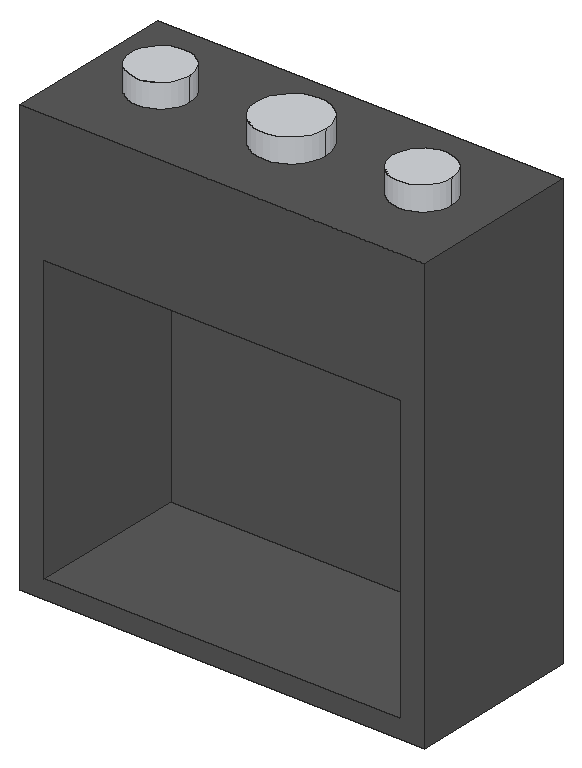
Revit family "montigo-commercial-single-sided-low-profile-fireplace-BF60", category Generic Models, Revit 2019
Family settings
  Can host rebar = No
  Round Connector Dimension = Use Diameter
  Part Type = Normal
  Work Plane-Based = No
  Always vertical = Yes
  Cut with Voids When Loaded = No
  Shared = No
  Room Calculation Point = No
Parameters
  URL = "https://www.montigo.com/"
  Model = ""
  Manufacturer Fax = ""
  Manufacturer Website = "https://www.montigo.com/"
  Manufacturer Phone - Toll Free = "800-378-3115"
  Manufacturer Phone = ""
  Manufacturer Address = "27342 Gloucester Way  Langley, BC, Canada   V4W 4A1"
  Manufacturer = "Montigo"
  Keynote = ""
  Glazing Tint = Glass - Montigo - Tint as Specified
  Frame Material = Metal - Montigo - Black
  Firebox Material = Metal - Montigo - White
  Description = "Montigo Fireplace as Specified"
Reference planes (in)
  plane 1 "Center (Front/Back)": y = 0
  plane 2: z = 0
  plane 3 "Center (Left/Right)": x = 0
Forms (in)
  Extrusion 1, solid, material "Metal - Montigo - Black" <- "Frame Material"
    sketch origin (15, -15, 0) x (1, 0, 0) y (0, 1, 0)
      loop
        line (-49, 29.5) -> (-49, 0.5) -> (19, 0.5) -> (19, 29.5) -> (-49, 29.5)
    from 0 to 73
  Extrusion 2, solid
    sketch origin (0, 0, 0) x (1, 0, 0) y (0, 1, 0)
      loop
        circle (0, 0) r 5.875
      loop
        circle (-22, 0) r 4.9375
      loop
        circle (22, 0) r 4.9375
    from 73 to 77
  Extrusion 3, void
    sketch origin (19.1875, -6.15625, 0) x (-1, 0, 0) y (0, 0, -1)
      loop
        line (49.1875, -51) -> (49.1875, -3) -> (-10.8125, -3) -> (-10.8125, -51) -> (49.1875, -51)
    from -18.24874 to 8.34375
Cuts and joins
  Extrusion 3 cuts Extrusion 1
Dimensions and locks (in)
  radius of Extrusion 2 sketch curve = 5 7/8"
  diameter of Extrusion 2 sketch curve = 11 3/4"
  aligned and locked: level to plane 2
Connectors (in)
  hvac at (0, 0, 77)
    settings: on Extrusion 2, index 2, duct flow 0.0 L/s, flow factor 0, pres drop 0.0 Pa, loss coef 0, conn angle 0.00°, conn width 304.8 mm, conn height 304.8 mm, conn diameter 298.45 mm, duct sys type 3, conn prof type 0, flow config 0, flow direction 0, loss method 0, conn ref index -1, conn util no, is conn primary yes, conn desc ""
  hvac at (-22, 0, 77)
    settings: on Extrusion 2, index 3, duct flow 0.0 L/s, flow factor 0, pres drop 0.0 Pa, loss coef 0, conn angle 0.00°, conn width 304.8 mm, conn height 304.8 mm, conn diameter 250.924 mm, duct sys type 3, conn prof type 0, flow config 0, flow direction 0, loss method 0, conn ref index -1, conn util no, is conn primary no, conn desc ""
  hvac at (22, 0, 77)
    settings: on Extrusion 2, index 4, duct flow 0.0 L/s, flow factor 0, pres drop 0.0 Pa, loss coef 0, conn angle 0.00°, conn width 304.8 mm, conn height 304.8 mm, conn diameter 250.924 mm, duct sys type 3, conn prof type 0, flow config 0, flow direction 0, loss method 0, conn ref index -1, conn util no, is conn primary no, conn desc ""
